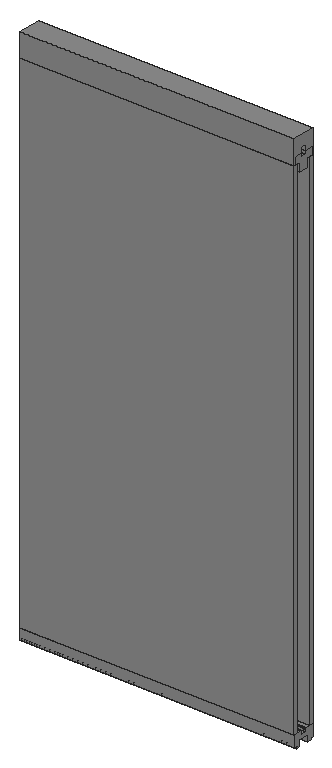
Revit family "Haworth_Pergola_Panel_StraightVerticalTiles", category Furniture Systems, Revit 2018
Family settings
  Round Connector Dimension = Use Diameter
  Part Type = Normal
  OmniClass Number = 23.40.70.14.64.21
  OmniClass Title = Systems Furniture
  Work Plane-Based = No
  Always vertical = Yes
  Cut with Voids When Loaded = No
  Shared = No
  Room Calculation Point = No
Parameters (values of type "Vertical Tiles - 96h 48w - (48w)")
  Width = 48.000"
  Warranty = "http://www.haworth.com/resources/product-info/warranties"
  URL - Product = "https://www.haworth.com/na/en/inspiration/pergola.html"
  URL = "http://www.haworth.com"
  Trim Finish = Haworth _ Paint _ Undecided _ Pergola
  Top Rail [instance] = yes
  Panel 4 Offset = [Panel 1 - Width] + [Panel 2 - Width] + [Panel 2 - Width] + [Panel 4 - Width] / 2  # 48.000"
  Panel 4 Front Finish [instance] = Haworth _ Paint _ Undecided _ Pergola
  Panel 4 Back Finish [instance] = Haworth _ Paint _ Undecided _ Pergola
  Panel 4 - Width = 0.000"
  Panel 4 = no
  Panel 3 Offset = [Panel 1 - Width] + [Panel 2 - Width] + [Panel 3 - Width] / 2  # 48.000"
  Panel 3 Front Finish [instance] = Haworth _ Paint _ Undecided _ Pergola
  Panel 3 Back Finish [instance] = Haworth _ Paint _ Undecided _ Pergola
  Panel 3 - Width = 0.000"
  Panel 3 = no
  Panel 2 Offset = [Panel 1 - Width] + [Panel 2 - Width] / 2  # 48.000"
  Panel 2 Front Finish [instance] = Haworth _ Paint _ Undecided _ Pergola
  Panel 4 - Open [instance] = not(or([Panel 4 - Tile], [Panel 4 - Glass]))  # yes
  Panel 4 - Tile [instance] = no
  Panel 4 - Glass [instance] = no
  Panel 3 - Open [instance] = not(or([Panel 3 - Tile], [Panel 3 - Glass]))  # yes
  Panel 3 - Tile [instance] = no
  Panel 3 - Glass [instance] = no
  Panel 2 Back Finish [instance] = Haworth _ Paint _ Undecided _ Pergola
  Panel 2 - Width = 0.000"
  Panel 2 - Open [instance] = not(or([Panel 2 - Tile], [Panel 2 - Glass]))  # yes
  Panel 2 - Tile [instance] = no
  Panel 2 - Glass [instance] = no
  Panel 2 = no
  Panel 1 Offset = [Panel 1 - Width] / 2  # 24.000"
  Panel 1 Front Finish [instance] = Haworth _ Paint _ Undecided _ Pergola
  Panel 1 Back Finish [instance] = Haworth _ Paint _ Undecided _ Pergola
  Panel 1 - Width = 48.000"
  Panel 1 - Open [instance] = not(or([Panel 1 - Tile], [Panel 1 - Glass]))  # no
  Panel 1 - Tile [instance] = yes
  Panel 1 - Glass [instance] = no
  Standard Width = "48, 72, 96, 120, 144 in."  # constant formula
  Panel 1 = yes
  Custom Size = not(or(Width = 48.000", Width = 72.000", Width = 96.000", Width = 120.000", Width = 144.000"))  # no
  Bracket Thickness = 0.19531"  # constant formula
  Sustainability Info = "http://www.haworth.com/company-info/sustainablility"
  Model = "Haworth Pergola"  # constant formula
  Description = "Haworth - Pergola Panel - Straight - Vertical Tiles"  # constant formula
  Bottom Rail [instance] = yes
  Base Height = 2.000"  # constant formula
  Actual Depth = 4.000"  # constant formula
  Size = "Verify Final Dim. w/ Haworth"  # constant formula
  Revision Number = "1"  # constant formula
  Min. Width = 48.000"  # constant formula
  Max. Width = 144.000"  # constant formula
  Min. Height = 89.500"  # constant formula
  Max. Height = 89.500"  # constant formula
  Manufacturer = "Haworth"  # constant formula
  Author = "Haworth (Bentzen)"  # constant formula
  Assembly Code = "E2020200"
  Actual Width = if(Width < Min. Width, Min. Width, if(Width > Max. Width, Max. Width, Width))  # 48.000"
  Actual Height = 89.500"  # constant formula
Types (8): name | Width | Panel 4 Offset | Panel 4 - Width | Panel 4 | Panel 3 Offset | Panel 3 - Width | Panel 3 | Panel 2 Offset | Panel 4 - Open | Panel 4 - Tile | Panel 3 - Open | Panel 3 - Tile | Panel 2 - Width | Panel 2 - Open | Panel 2 - Tile | Panel 2 | Panel 1 Offset | Panel 1 - Width | Actual Width
  Vertical Tiles - 96h 72w - (36w 36w) | 72.000" | 108.000" | 0.000" | no | 72.000" | 0.000" | no | 54.000" | no | yes | no | yes | 36.000" | no | yes | yes | 18.000" | 36.000" | 72.000"
  Vertical Tiles - 96h 96w - (48w 48w) | 96.000" | 144.000" | 0.000" | no | 96.000" | 0.000" | no | 72.000" | no | yes | no | yes | 48.000" | no | yes | yes | 24.000" | 48.000" | 96.000"
  Vertical Tiles - 96h 120w - (48w 36w 36w) | 120.000" | 120.000" | 0.000" | no | 102.000" | 36.000" | yes | 66.000" | no | yes | no | yes | 36.000" | no | yes | yes | 24.000" | 48.000" | 120.000"
  Vertical Tiles - 96h 120w - (36w 48w 36w) | 120.000" | 132.000" | 0.000" | no | 102.000" | 36.000" | yes | 60.000" | no | yes | no | yes | 48.000" | no | yes | yes | 18.000" | 36.000" | 120.000"
  Vertical Tiles - 96h 120w - (36w 36w 48w) | 120.000" | 108.000" | 0.000" | no | 96.000" | 48.000" | yes | 54.000" | no | yes | no | yes | 36.000" | no | yes | yes | 18.000" | 36.000" | 120.000"
  Vertical Tiles - 96h 144w - (48w 48w 48w) | 144.000" | 144.000" | 0.000" | no | 120.000" | 48.000" | yes | 72.000" | no | yes | no | yes | 48.000" | no | yes | yes | 24.000" | 48.000" | 144.000"
  Vertical Tiles - 96h 144w - (36w 36w 36w 36w) | 144.000" | 126.000" | 36.000" | yes | 90.000" | 36.000" | yes | 54.000" | no | yes | no | yes | 36.000" | no | yes | yes | 18.000" | 36.000" | 144.000"
  Vertical Tiles - 96h 48w - (48w) | 48.000" | 48.000" | 0.000" | no | 48.000" | 0.000" | no | 48.000" | yes | no | yes | no | 0.000" | yes | no | no | 24.000" | 48.000" | 48.000"
Reference planes (in)
  plane 1 "Center F/B": y = 0
  plane 2 "Bottom": z = 0.5
  plane 3 "Center L/R": x = 1.5
  plane 4 "Back": y = 2
  plane 5 "Front": y = -2
  plane 6 "Right": x = 25.5
  plane 7 "Top": z = 92
  plane 8 "Left": x = -22.5
  plane 9 "Base Top": z = 2.5
  plane 10 "End Left Slat": x = -19.5
  plane 11 "End Right Slat": x = 22.5
  plane 12: z = 91.80469
  plane 13: x = 1.5
  plane 14: x = 25.5
  plane 15: x = 25.5
  plane 16: x = 25.5
  plane 17: z = 96
  plane 18: z = 47.15234
Forms (in)
  Sweep 1, solid, material "Haworth _ Paint _ Undecided _ Pergola" <- "Trim Finish", visible <- "Bottom Rail"
    path origin (0, 0, -81.5) x (1, 0, 0) y (0, 0, 1)
      loop
        line (-22.5, 84) -> (25.5, 84)
    profile origin (1.5, 0, 2.5) x (0, 0, 1) y (0, -1, 0)
      loop
        line (0, 1.9685) -> (-2, 1.9685) -> (-2, 1.6122) -> (-2.07874, 1.53346) -> (-2.07874, 1.13976) -> (-2.19685, 1.13976) -> (-2.19685, 1.53346) -> (-2.27559, 1.53346) -> (-2.27559, 0.93504) -> (-1.26181, 0.93504) -> (-1.26181, -0.93504) -> (-2.27559, -0.93504) -> (-2.27559, -1.53346) -> (-2.19685, -1.53346) -> (-2.19685, -1.13976) -> (-2.07874, -1.13976) -> (-2.07874, -1.53346) -> (-2, -1.6122) -> (-2, -1.9685) -> (0, -1.9685) -> (0, -0.6378) -> (-0.0689, -0.64994) -> (-0.0689, -0.52756) -> (-0.18121, -0.52756) -> (-0.16732, -0.6063) -> (-0.59646, -0.6063) -> (-0.59646, 0.6063) -> (-0.16732, 0.6063) -> (-0.18121, 0.52756) -> (-0.0689, 0.52756) -> (-0.0689, 0.64994) -> (0, 0.6378) -> (0, 1.9685)
Lines and regions (in)
  Masking region 1
    outline origin (0, 0, 0) x (1, 0, 0) y (0, 1, 0)
      loop
        line (-22.5, 2) -> (-22.5, -2) -> (25.5, -2) -> (25.5, 2) -> (-22.5, 2)
Dimensions and locks (in)
  equal spacing: plane 4 "Back", plane 1 "Center F/B", plane 5 "Front"
  "Actual Depth": plane 4 "Back" to plane 5 "Front"
  equal spacing: plane 8 "Left", plane 3 "Center L/R", plane 6 "Right"
  "Actual Width": plane 8 "Left" to plane 6 "Right"
  plane 9 "Base Top" to level = 2.500"
  "Actual Height": plane 7 "Top" to plane 9 "Base Top"
  locked: plane 8 "Left" to plane 10 "End Left Slat" at 3
  locked: plane 11 "End Right Slat" to plane 6 "Right" at 3
  plane 4 "Back" to Masking region 1 sketch curve = 0.000"
  plane 5 "Front" to Masking region 1 sketch curve = 0.000"
  "Panel 1 Offset": plane 8 "Left" to plane 13
  "Panel 2 Offset": plane 8 "Left" to plane 14
  "Panel 3 Offset": plane 8 "Left" to plane 15
  "Panel 4 Offset": plane 8 "Left" to plane 16
  plane 8 "Left" to plane 6 "Right" = 48.000"
  locked: plane 18 to plane 2 "Bottom" at 46.65234
  aligned and locked: Sweep 1 sketch curve to plane 9 "Base Top"
  aligned and locked: plane 8 "Left" to Sweep 1 sketch curve
  aligned and locked: plane 6 "Right" to Sweep 1 sketch curve
  aligned and locked: Masking region 1 sketch curve to plane 6 "Right"
  aligned and locked: Masking region 1 sketch curve to plane 8 "Left"
  aligned and locked: plane 1 "Center F/B" to nested 1
  aligned and locked: plane 3 "Center L/R" to nested 1
  aligned and locked: Masking region 1 to plane 5 "Front"
  aligned and locked: plane 4 "Back" to Masking region 1
  aligned and locked: nested 2 to nested 1
  aligned and locked: plane 12 to nested 2
  aligned and locked: nested 2 to plane 13
  aligned and locked: nested 3 to plane 14
  aligned and locked: nested 4 to plane 15
  aligned and locked: nested 5 to plane 16
  aligned and locked: plane 17 to nested 1
  aligned and locked: plane 18 to nested 2
  aligned and locked: plane 18 to nested 3
  aligned and locked: plane 18 to nested 4
  aligned and locked: plane 18 to nested 5
Automatic sketch dimensions
  profile plane to Sweep 1 sketch curve = 0.000"  (x2)
  profile plane to Sweep 1 sketch curve = 0.0689"  (x2)
  Sweep 1 sketch curve to Sweep 1 sketch curve = 0.09843"  (x2)
  Sweep 1 sketch curve to Sweep 1 sketch curve = 0.01388"  (x2)
  Sweep 1 sketch curve to Sweep 1 sketch curve = 0.41525"
  Sweep 1 sketch curve to Sweep 1 sketch curve = 0.66535"
  Sweep 1 sketch curve to Sweep 1 sketch curve = 0.73819"  (x2)
  Sweep 1 sketch curve to Sweep 1 sketch curve = 0.07874"  (x8)
  Sweep 1 sketch curve to Sweep 1 sketch curve = 0.11811"  (x2)
  Sweep 1 sketch curve to plane 1 "Center F/B" = 1.9685"
  Sweep 1 sketch curve to Sweep 1 sketch curve = 0.3563"
  Sweep 1 sketch curve to Sweep 1 sketch curve = 0.3937"  (x2)
  Sweep 1 sketch curve to Sweep 1 sketch curve = 0.20472"  (x2)
  Sweep 1 sketch curve to plane 1 "Center F/B" = 0.64994"
  Sweep 1 sketch curve to Sweep 1 sketch curve = 0.01215"  (x2)
  Sweep 1 sketch curve to Sweep 1 sketch curve = 0.04364"
  Sweep 1 sketch curve to Sweep 1 sketch curve = 0.12238"
  plane 1 "Center F/B" to Sweep 1 sketch curve = 0.52756"
  Sweep 1 sketch curve to Sweep 1 sketch curve = 0.11024"
  plane 1 "Center F/B" to Sweep 1 sketch curve = 0.93504"
  Sweep 1 sketch curve to Sweep 1 sketch curve = 0.000"
  Sweep 1 sketch curve to Sweep 1 sketch curve = 1.31856"
Nested families (in)
  nested 1: "Haworth_Pergola_Panel_TopRail_Straight" at (-58, 0, 0.5), visible <- "Top Rail", type "Top Rail - 48w"
  nested 2: "Haworth_Pergola_Panel_Solid_Straight_TileFullHeight" at (-7.38414, -15.0874, -20.35329), visible <- "Panel 1", type "Tile1"
    with Width 48.000", Actual Width 48.000"
  nested 3: "Haworth_Pergola_Panel_Solid_Straight_TileFullHeight" at (40.61586, -15.0874, -20.35329), visible <- "Panel 2", type "Tile2"
    with Width 0.000", Material - Tile no, Material - Open yes, Actual Width 0.000"
  nested 4: "Haworth_Pergola_Panel_Solid_Straight_TileFullHeight" at (40.61586, -15.0874, -20.35329), visible <- "Panel 3", type "Tile3"
    with Width 0.000", Material - Tile no, Material - Open yes, Actual Width 0.000"
  nested 5: "Haworth_Pergola_Panel_Solid_Straight_TileFullHeight" at (40.61586, -15.0874, -20.35329), visible <- "Panel 4", type "Tile4"
    with Width 0.000", Material - Tile no, Material - Open yes, Actual Width 0.000"
Definition of nested family "Haworth_Pergola_Panel_TopRail_Straight"
  Parameters (values of type "Top Rail - 120w")
    Width = 120.000"
    Warranty = "http://www.haworth.com/resources/product-info/warranties"
    URL - Product = ""
    URL = "http://www.haworth.com"
    Trim Finish = none
    Sustainability Info = "http://www.haworth.com/company-info/sustainablility"
    Standard Width = "48,  72, 96, 120, and 144 in."  # constant formula
    Model = "Haworth Pergola"  # constant formula
    Description = "Haworth - Pergola Panel - Top Rail"  # constant formula
    Actual Depth = 4.000"  # constant formula
    Size = "Verify Final Dim. w/ Haworth"  # constant formula
    Revision Number = "1"  # constant formula
    Min. Width = 48.000"  # constant formula
    Max. Width = 144.000"  # constant formula
    Min. Height = 4.000"  # constant formula
    Max. Height = 4.000"  # constant formula
    Manufacturer = "Haworth"  # constant formula
    Author = "Haworth (Bentzen)"  # constant formula
    Assembly Code = "E2020200"
    Actual Width = if(Width < Min. Width, Min. Width, if(Width > Max. Width, Max. Width, Width))  # 120.000"
    Actual Height = 4.19531"  # constant formula
  Types (5): name | Width | Actual Width
    Top Rail - 48w | 48.000" | 48.000"
    Top Rail - 72w | 72.000" | 72.000"
    Top Rail - 96w | 96.000" | 96.000"
    Top Rail - 120w | 120.000" | 120.000"
    Top Rail - 144w | 144.000" | 144.000"
  Reference planes (in)
    plane 1 "Center F/B": y = 0
    plane 2 "Bottom": z = 0
    plane 3 "Center L/R": x = 59.5
    plane 4 "Back": y = 2
    plane 5 "Front": y = -2
    plane 6 "Right": x = 119.5
    plane 7 "Top": z = 95.5
    plane 8 "Left": x = -0.5
    plane 9 "Underbeam Height": z = 91.30469
    plane 10: y = 0.59915
    plane 11: y = -0.59915
    plane 12: z = 93.54331
  Forms (in)
    Extrusion 1, solid, material <- "Trim Finish"
      sketch origin (59.5, 0, 0) x (0, 1, 0) y (0, 0, 1)
        loop
          line (2, 95.5) -> (-2, 95.5) -> (-2, 91.30469) -> (-0.59915, 91.30469) -> (-0.59915, 93.54331) -> (0.59915, 93.54331) -> (0.59915, 91.30469) -> (2, 91.30469) -> (2, 95.5)
      from -60 to 60
  Lines and regions (in)
    Masking region 1
      outline origin (0, 0, 0) x (1, 0, 0) y (0, 1, 0)
        loop
          line (-0.5, 2) -> (-0.5, -2) -> (119.5, -2) -> (119.5, 2) -> (-0.5, 2)
  Dimensions and locks (in)
    plane 9 "Underbeam Height" to plane 2 "Bottom" = 91.30469"
    equal spacing: plane 8 "Left", plane 3 "Center L/R", plane 6 "Right"
    "Actual Width": plane 8 "Left" to plane 6 "Right"
    equal spacing: plane 4 "Back", plane 1 "Center F/B", plane 5 "Front"
    "Actual Depth": plane 4 "Back" to plane 5 "Front"
    "Actual Height": plane 7 "Top" to plane 9 "Underbeam Height"
    aligned and locked: level to plane 2 "Bottom"
    aligned and locked: plane 8 "Left" to Extrusion 1
    aligned and locked: plane 6 "Right" to Extrusion 1
    aligned and locked: Extrusion 1 to plane 12
    aligned and locked: Extrusion 1 to plane 11
    aligned and locked: plane 10 to Extrusion 1
    aligned and locked: Extrusion 1 to plane 9 "Underbeam Height"  (x2)
    aligned and locked: plane 4 "Back" to Extrusion 1
    aligned and locked: Extrusion 1 to plane 5 "Front"
    aligned and locked: plane 8 "Left" to Masking region 1
    aligned and locked: Masking region 1 to plane 4 "Back"
    aligned and locked: Masking region 1 to plane 5 "Front"
    aligned and locked: plane 6 "Right" to Masking region 1
    aligned and locked: plane 7 "Top" to Extrusion 1
  Automatic sketch dimensions
    Extrusion 1 sketch curve to plane 5 "Front" = 0.000"
    Extrusion 1 sketch curve to plane 9 "Underbeam Height" = 0.000"  (x2)
    plane 4 "Back" to Extrusion 1 sketch curve = 0.000"
    plane 7 "Top" to Extrusion 1 sketch curve = 0.000"
    plane 9 "Underbeam Height" to Extrusion 1 sketch curve = 2.23863"
    Extrusion 1 sketch curve to plane 1 "Center F/B" = 0.59915"
    plane 1 "Center F/B" to Extrusion 1 sketch curve = 0.59915"
    Masking region 1 sketch curve to plane 8 "Left" = 0.000"
    plane 6 "Right" to Masking region 1 sketch curve = 0.000"
    Masking region 1 sketch curve to plane 5 "Front" = 0.000"
    plane 4 "Back" to Masking region 1 sketch curve = 0.000"
Definition of nested family "Haworth_Pergola_Panel_Solid_Straight_TileFullHeight"
  Parameters (values of type "Tile7")
    Width = 36.000"
    Warranty = "http://www.haworth.com/resources/product-info/warranties"
    URL - Product = ""
    URL = "http://www.haworth.com"
    Trim Finish = none
    Tile Finish - Front = none
    Tile Finish - Back = none
    Tile Depth = 0.500"  # constant formula
    Sustainability Info = "http://www.haworth.com/company-info/sustainablility"
    Model = "Haworth Pergola"  # constant formula
    Material - Tile = yes
    Material - Open = not(or([Material - Tile], [Material - Glass]))  # no
    Material - Glass = no
    Gls Insert Half Depth = 0.250"  # constant formula
    Description = "Haworth - Pergola Panel - Tile"  # constant formula
    Size = "Verify Final Dim. w/ Haworth"  # constant formula
    Revision Number = "1"  # constant formula
    Manufacturer = "Haworth"  # constant formula
    Author = "Haworth (Bentzen)"  # constant formula
    Assembly Code = "E2020200"
    Actual Width = Width  # 36.000"
    Actual Height = 92.000" - 0.19531" - 2.500"  # 89.30469"
    Actual Depth = 4.000"  # constant formula
  Types (7): name
    Tile1
    Tile2
    Tile3
    Tile4
    Tile5
    Tile6
    Tile7
  Reference planes (in)
    plane 1: z = 14.99134
    plane 2 "Left": x = -15.11586
    plane 3 "Center (Left/Right)": x = 2.88414
    plane 4 "Right": x = 20.88414
    plane 5 "Back": y = 17.0874
    plane 6 "Center (Front/Back)": y = 15.0874
    plane 7 "Front": y = 13.0874
    plane 8 "2": y = 13.5874
    plane 9 "3": y = 16.5874
    plane 10 "4": y = 14.8374
    plane 11 "5": y = 15.3374
    plane 12 "Top": z = 112.15798
    plane 13: z = 67.50563
    plane 14 "Bottom": z = 22.85329
  Forms (in)
    Extrusion 1, solid, material <- "Tile Finish - Front", visible <- "Material - Tile"
      sketch origin (13.31096, -2, 1.00538) x (-1, 0, 0) y (0, 0, 1)
        loop
          line (28.42682, 111.1526) -> (-7.57318, 111.1526) -> (-7.57318, 21.84791) -> (28.42682, 21.84791) -> (28.42682, 111.1526)
      from 15.0874 to 15.5874
    Extrusion 2, solid, material <- "Tile Finish - Back", visible <- "Material - Tile"
      sketch origin (13.31096, 10, 1.00538) x (-1, 0, 0) y (0, 0, 1)
        loop
          line (28.42682, 111.1526) -> (-7.57318, 111.1526) -> (-7.57318, 21.84791) -> (28.42682, 21.84791) -> (28.42682, 111.1526)
      from 6.5874 to 7.0874
    Extrusion 3, solid, visible <- "Material - Glass"
      sketch origin (10.31096, 0, 1.5055) x (-1, 0, 0) y (0, 0, 1)
        loop
          line (25.42682, 110.65248) -> (-10.57318, 110.65248) -> (-10.57318, 21.34779) -> (25.42682, 21.34779) -> (25.42682, 110.65248)
      from 14.8374 to 15.3374
  Dimensions and locks (in)
    equal spacing: plane 7 "Front", plane 6 "Center (Front/Back)", plane 5 "Back"
    "Actual Depth": plane 7 "Front" to plane 5 "Back"
    equal spacing: plane 2 "Left", plane 3 "Center (Left/Right)", plane 4 "Right"
    "Actual Width": plane 2 "Left" to plane 4 "Right"
    "Tile Depth": plane 8 "2" to plane 7 "Front"
    "Tile Depth": plane 5 "Back" to plane 9 "3"
    "Gls Insert Half Depth": plane 11 "5" to plane 6 "Center (Front/Back)"
    "Gls Insert Half Depth": plane 6 "Center (Front/Back)" to plane 10 "4"
    equal spacing: plane 12 "Top", plane 13, plane 14 "Bottom"
    "Actual Height": plane 12 "Top" to plane 14 "Bottom"
    aligned and locked: Extrusion 1 to plane 2 "Left"
    aligned and locked: plane 4 "Right" to Extrusion 1
    aligned and locked: Extrusion 2 to plane 5 "Back"
    aligned and locked: plane 9 "3" to Extrusion 2
    aligned and locked: Extrusion 1 to plane 8 "2"
    aligned and locked: plane 7 "Front" to Extrusion 1
    aligned and locked: plane 4 "Right" to Extrusion 2
    aligned and locked: Extrusion 2 to plane 2 "Left"
    aligned and locked: Extrusion 3 to plane 2 "Left"
    aligned and locked: plane 4 "Right" to Extrusion 3
    aligned and locked: plane 10 "4" to Extrusion 3
    aligned and locked: Extrusion 3 to plane 11 "5"
    aligned and locked: plane 2 "Left" to nested 1
    aligned and locked: Extrusion 1 to plane 14 "Bottom"
    aligned and locked: Extrusion 3 to plane 14 "Bottom"
    aligned and locked: Extrusion 2 to plane 14 "Bottom"
    aligned and locked: plane 12 "Top" to Extrusion 1
    aligned and locked: plane 12 "Top" to Extrusion 2
    aligned and locked: plane 12 "Top" to Extrusion 3
    aligned and locked: nested 1 to plane 12 "Top"
  Automatic sketch dimensions
    plane 4 "Right" to Extrusion 1 sketch curve = 0.000"
    plane 1 to Extrusion 1 sketch curve = 7.86195"
    Extrusion 1 sketch curve to plane 2 "Left" = 0.000"
    Extrusion 2 sketch curve to plane 4 "Right" = 0.000"
    plane 1 to Extrusion 2 sketch curve = 7.86195"
    Extrusion 2 sketch curve to plane 2 "Left" = 0.000"
    Extrusion 3 sketch curve to plane 4 "Right" = 0.000"
    plane 1 to Extrusion 3 sketch curve = 7.86195"
    Extrusion 3 sketch curve to plane 2 "Left" = 0.000"
    Extrusion 1 sketch curve to Extrusion 1 sketch curve = 89.30469"
    Extrusion 2 sketch curve to Extrusion 2 sketch curve = 89.30469"
    Extrusion 3 sketch curve to Extrusion 3 sketch curve = 89.30469"
  Nested families (in)
    nested 1: "Haworth_Pergola_Panel_Solid_Straight_Tile_PlasticCap" at (0, -0.25, 102.52336), visible <- "Material - Tile", type "36w"
      with Top yes, Bottom no
  Definition of nested family "Haworth_Pergola_Panel_Solid_Straight_Tile_PlasticCap"
    Parameters (values of type "36w")
      Width = 36.000"
      Warranty = "http://www.haworth.com/resources/product-info/warranties"
      URL - Product = ""
      URL = "http://www.haworth.com"
      Trim Finish = none
      Top [instance] = yes
      Sustainability Info = "http://www.haworth.com/company-info/sustainablility"
      Model = "Haworth Pergola"  # constant formula
      Description = "Haworth - Pergola Panel - Tile"  # constant formula
      Revision Number = "1"  # constant formula
      Manufacturer = "Haworth"  # constant formula
      Bottom [instance] = no
      Author = "Haworth (Bentzen)"  # constant formula
      Assembly Code = "E2020200"
      Actual Width = Width  # 36.000"
      Actual Height = 2.750"  # constant formula
      Actual Depth = 4.000" - 0.250" - 0.250"  # 3.500"
    Types (2): name | Width | Bottom | Actual Width
      36w | 36.000" | no | 36.000"
      48w | 48.000" | yes | 48.000"
    Reference planes (in)
      plane 1 "Bottom": z = 8.13462
      plane 2 "Left": x = -15.11586
      plane 3 "Center (Left/Right)": x = 2.88414
      plane 4 "Right": x = 20.88414
      plane 5: z = 10.88462
      plane 6 "Back": y = 17.0874
      plane 7 "Center (Front/Back)": y = 15.3374
      plane 8 "Front": y = 13.5874
      plane 9: z = 9.63462
      plane 10: z = 10.38462
      plane 11 "6": y = 14.5874
      plane 12 "7": y = 16.0874
      plane 13 "8": y = 15.8374
      plane 14 "9": y = 14.8374
      plane 15: z = 5.52174
      plane 16: z = 2.77174
      plane 17: z = 4.02174
      plane 18: z = 3.27174
    Forms (in)
      Extrusion 1, solid, material <- "Trim Finish", visible <- "Top"
        sketch origin (-15.11586, 0, 0) x (0, 0, 1) y (0, -1, 0)
          loop
            line (10.88462, -17.0874) -> (10.88462, -15.8374) -> (10.38462, -15.8374) -> (10.38462, -14.8374) -> (10.88462, -14.8374) -> (10.88462, -13.5874) -> (9.63462, -13.5874) -> (9.63462, -14.5874) -> (8.13462, -14.5874) -> (8.13462, -16.0874) -> (9.63462, -16.0874) -> (9.63462, -17.0874) -> (10.88462, -17.0874)
        from 0 to 36
      Extrusion 2, solid, material <- "Trim Finish", visible <- "Bottom"
        sketch origin (-15.11586, 0, 13.66848) x (0, 0, -1) y (0, 1, 0)
          loop
            line (10.89674, 17.0874) -> (9.64674, 17.0874) -> (9.64674, 16.0874) -> (8.14674, 16.0874) -> (8.14674, 14.5874) -> (9.64674, 14.5874) -> (9.64674, 13.5874) -> (10.89674, 13.5874) -> (10.89674, 14.8374) -> (10.39674, 14.8374) -> (10.39674, 15.8374) -> (10.89674, 15.8374) -> (10.89674, 17.0874)
        from 0 to 36
    Dimensions and locks (in)
      equal spacing: plane 8 "Front", plane 7 "Center (Front/Back)", plane 6 "Back"
      "Actual Depth": plane 8 "Front" to plane 6 "Back"
      equal spacing: plane 2 "Left", plane 3 "Center (Left/Right)", plane 4 "Right"
      "Actual Width": plane 2 "Left" to plane 4 "Right"
      plane 5 to plane 1 "Bottom" = 2.750"
      "Actual Height": plane 5 to plane 1 "Bottom"
      plane 5 to plane 10 = 0.500"
      plane 9 to plane 1 "Bottom" = 1.500"
      aligned and locked: plane 5 to Extrusion 1  (x2)
      aligned and locked: plane 10 to Extrusion 1
      aligned and locked: Extrusion 1 to plane 6 "Back"
      aligned and locked: plane 8 "Front" to Extrusion 1
      aligned and locked: plane 13 "8" to Extrusion 1
      aligned and locked: Extrusion 1 to plane 14 "9"
      aligned and locked: Extrusion 1 to plane 12 "7"
      aligned and locked: plane 11 "6" to Extrusion 1
      aligned and locked: Extrusion 1 to plane 2 "Left"
      aligned and locked: plane 4 "Right" to Extrusion 1
      aligned and locked: Extrusion 1 to plane 9  (x2)
      aligned and locked: Extrusion 1 to plane 1 "Bottom"
      aligned and locked: Extrusion 2 to plane 2 "Left"
      aligned and locked: plane 4 "Right" to Extrusion 2
      aligned and locked: plane 15 to Extrusion 2
      aligned and locked: plane 17 to Extrusion 2  (x2)
      aligned and locked: Extrusion 2 to plane 16  (x2)
      aligned and locked: Extrusion 2 to plane 18
      aligned and locked: Extrusion 2 to plane 12 "7"
      aligned and locked: plane 11 "6" to Extrusion 2
      aligned and locked: plane 8 "Front" to Extrusion 2
      aligned and locked: Extrusion 2 to plane 14 "9"
      aligned and locked: plane 13 "8" to Extrusion 2
      aligned and locked: Extrusion 2 to plane 6 "Back"
    Automatic sketch dimensions
      Extrusion 1 sketch curve to plane 1 "Bottom" = 0.000"
      Extrusion 1 sketch curve to plane 8 "Front" = 0.000"
      Extrusion 1 sketch curve to plane 9 = 0.000"  (x2)
      Extrusion 1 sketch curve to plane 10 = 0.000"
      Extrusion 1 sketch curve to plane 5 = 0.000"  (x2)
      Extrusion 1 sketch curve to plane 6 "Back" = 0.000"
      Extrusion 1 sketch curve to plane 12 "7" = 0.000"
      Extrusion 1 sketch curve to plane 13 "8" = 0.000"
      Extrusion 1 sketch curve to plane 14 "9" = 0.000"
      Extrusion 1 sketch curve to plane 11 "6" = 0.000"
      Extrusion 2 sketch curve to plane 11 "6" = 0.000"
      plane 12 "7" to Extrusion 2 sketch curve = 0.000"
      Extrusion 2 sketch curve to plane 8 "Front" = 0.000"
      plane 6 "Back" to Extrusion 2 sketch curve = 0.000"
      Extrusion 2 sketch curve to plane 13 "8" = 0.000"
      Extrusion 2 sketch curve to plane 14 "9" = 0.000"
      Extrusion 2 sketch curve to plane 15 = 0.000"
      Extrusion 2 sketch curve to level = 4.02174"  (x2)
      Extrusion 2 sketch curve to level = 3.27174"
      Extrusion 2 sketch curve to level = 2.77174"  (x2)
